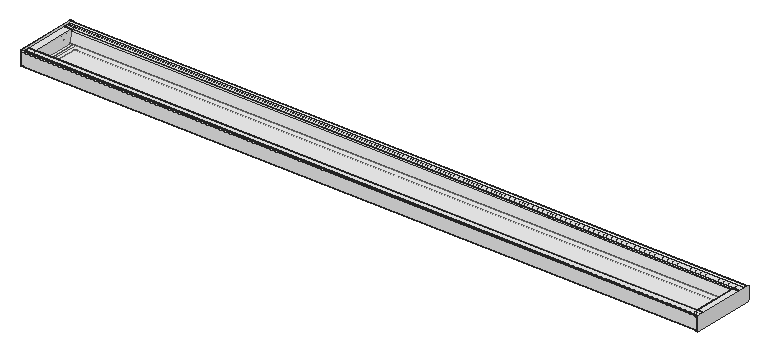
Revit family "ALRM", category Lighting Fixtures, host Ceiling, Revit 2019
Family settings
  Host = Ceiling
  Round Connector Dimension = Use Diameter
  Part Type = Normal
  OmniClass Number = 23.80.70.11.14.17
  OmniClass Title = Direct/Indirect
  Always vertical = Yes
  Cut with Voids When Loaded = No
  Light Source = Yes
  Shared = No
  Room Calculation Point = No
Parameters (values of type "ALRM96-LED840K120LUNV-C91")
  Width = 0' - 9"
  Wattage = 90 W
  built-in parameter 1150110 = 1 (stored number, unit not read)
  Voltage = 120 V
  URL = "https://www.viscor.com/en/products/alrm"
  built-in parameter 1114217 = 0.9 (stored number, unit not read)
  Tilt Angle = 180.00°  # constant formula
  built-in parameter 1150109 = 1 (stored number, unit not read)
  built-in parameter 1150134 = 12
  built-in parameter 1150113 = 1 (stored number, unit not read)
  Photometric Web File = "ALRM96-LED840K120LUNV-C91.ies"
  Model = "ALRM"  # constant formula
  Manufacturer = "VISIONEERING by VISCOR"  # constant formula
  Lumens = 12060 lm
  built-in parameter 1150115 = 1 (stored number, unit not read)
  built-in parameter 1150105 = 959.7 (stored number, unit not read)
  built-in parameter 1150137 = (empty or 0)
  built-in parameter 1150139 = (empty or 0)
  Lens Finish Top = Acrylic - Viscor - Clear
  Lens Finish Bottom = Acrylic - Viscor - Frosted
  Length = 8' - 0"
  Lamp Wattage = 90 VA
  built-in parameter 1150112 = 1 (stored number, unit not read)
  built-in parameter 1150114 = 1 (stored number, unit not read)
  Lamp = "LED"  # constant formula
  built-in parameter 1150132 = (empty or 0)
  built-in parameter 1150102 = (empty or 0)
  built-in parameter 1150138 = (empty or 0)
  built-in parameter 1150107 = 4000 (stored number, unit not read)
  built-in parameter 1150106 = 9.597 (stored number, unit not read)
  Housing Finish = Metal - Viscor - White
  Emit from Line Length = Length  # 8' - 0"
  built-in parameter 1150104 = 12.449 (stored number, unit not read)
  Dimming Lamp Color Temperature Shift = <None>
  Description = "LED ALLURA Linear Pendant Type M"  # constant formula
  Color Filter = 16777215
  built-in parameter 1114218 = 1 (stored number, unit not read)
  built-in parameter 1150133 = 10 (stored number, unit not read)
  Assembly Code = "D5020200"
  Apparent Load = Lamp Wattage  # 90 VA
Types (7): name | Wattage | Photometric Web File | Lumens | built-in parameter 1150105 | Length | Lamp Wattage | built-in parameter 1150106 | Emit from Line Length | built-in parameter 1150104 | Apparent Load
  (no name) | 90 W | "ALRM96-LED840K120LUNV-C91.ies" | 12060 lm | 959.7 (stored number, unit not read) | 8' - 0" | 90 VA | 9.597 (stored number, unit not read) | 8' - 0" | 12.449 (stored number, unit not read) | 90 VA
  ALRM48-LED840K032LUNV-C91 | 24 W | "ALRM48-LED840K032LUNV-C91.IES" | 3240 lm | 257.83 (stored number, unit not read) | 4' - 0" | 24 VA | 2.5783 (stored number, unit not read) | 4' - 0" | 12.542 (stored number, unit not read) | 24 VA
  ALRM96-LED840K064LUNV-C91 | 43 W | "ALRM96-LED840K064LUNV-C91.ies" | 5848 lm | 465.37 (stored number, unit not read) | 8' - 0" | 43 VA | 4.6537 (stored number, unit not read) | 8' - 0" | 12.635 (stored number, unit not read) | 43 VA
  ALRM48-LED840K052LUNV-C91 | 39 W | "ALRM48-LED840K052LUNV-C91.IES" | 5265 lm | 418.98 (stored number, unit not read) | 4' - 0" | 39 VA | 4.1898 (stored number, unit not read) | 4' - 0" | 12.542 (stored number, unit not read) | 39 VA
  ALRM48-LED840K060LUNV-C91 | 45 W | "ALRM48-LED840K060LUNV-C91.IES" | 6030 lm | 479.85 (stored number, unit not read) | 4' - 0" | 45 VA | 4.7985 (stored number, unit not read) | 4' - 0" | 12.449 (stored number, unit not read) | 45 VA
  ALRM96-LED840K105LUNV-C91 | 77 W | "ALRM96-LED840K105LUNV-C91.ies" | 10395 lm | 827.21 (stored number, unit not read) | 8' - 0" | 77 VA | 8.2721 (stored number, unit not read) | 8' - 0" | 12.542 (stored number, unit not read) | 77 VA
  ALRM96-LED840K120LUNV-C91 | 90 W | "ALRM96-LED840K120LUNV-C91.ies" | 12060 lm | 959.7 (stored number, unit not read) | 8' - 0" | 90 VA | 9.597 (stored number, unit not read) | 8' - 0" | 12.449 (stored number, unit not read) | 90 VA
Reference planes (in)
  plane 1 "Light Source Axis (F/B)": y = 0
  plane 2 "Ceiling": z = 96
  plane 3 "Light Source Axis (L/R)": x = 0
  plane 4 "Light Source Elevation": z = 67.875
  plane 5: x = -48
  plane 6: x = 48
  plane 7: y = 4.5
  plane 8: y = -4.5
  plane 9: x = -47.96875
  plane 10: x = 47.96875
  plane 11: x = -46.85
  plane 12: x = 46.85
  plane 13: x = -46
  plane 14: x = 46
Forms (in)
  Extrusion 1, solid, material "Metal - Viscor - White" <- "Housing Finish"
    sketch origin (0, 0, 0) x (0, 1, 0) y (0, 0, 1)
      loop
        line (4.37, 69.875) -> (-4.37, 69.875)
        arc (-4.37, 69.875) -> (-4.46192, 69.83692) -> (-4.5, 69.745) r 0.13
        line (-4.5, 69.745) -> (-4.5, 68.005)
        arc (-4.5, 68.005) -> (-4.46192, 67.91308) -> (-4.37, 67.875) r 0.13
        line (-4.37, 67.875) -> (4.37, 67.875)
        arc (4.37, 67.875) -> (4.46192, 67.91308) -> (4.5, 68.005) r 0.13
        line (4.5, 68.005) -> (4.5, 69.745)
        arc (4.5, 69.745) -> (4.46192, 69.83692) -> (4.37, 69.875) r 0.13
    from 47.96875 to 48
  Extrusion 2, solid, material "Metal - Viscor - White" <- "Housing Finish"
    sketch origin (0, 0, 0) x (0, 1, 0) y (0, 0, -1)
      loop
        arc (4.37, -69.875) -> (4.46192, -69.83692) -> (4.5, -69.745) r 0.13
        line (4.5, -69.745) -> (4.5, -68.005)
        arc (4.5, -68.005) -> (4.46192, -67.91308) -> (4.37, -67.875) r 0.13
        line (4.37, -67.875) -> (-4.37, -67.875)
        arc (-4.37, -67.875) -> (-4.46192, -67.91308) -> (-4.5, -68.005) r 0.13
        line (-4.5, -68.005) -> (-4.5, -69.745)
        arc (-4.5, -69.745) -> (-4.46192, -69.83692) -> (-4.37, -69.875) r 0.13
        line (-4.37, -69.875) -> (4.37, -69.875)
    from 47.96875 to 48
  Extrusion 3, solid, material "Metal - Viscor - White" <- "Housing Finish"
    sketch origin (0, 0, 0) x (0, 1, 0) y (0, 0, 1)
      loop
        line (4.06954, 69.68042) -> (3.66354, 69.68042) -> (3.66354, 69.64917) -> (4.07647, 69.64917) -> (4.35255, 69.7779)
        arc (4.35255, 69.7779) -> (4.38878, 69.77553) -> (4.40625, 69.74369) r 0.03775
        line (4.40625, 69.74369) -> (4.40625, 68.007)
        arc (4.40625, 68.007) -> (4.39519, 67.98031) -> (4.3685, 67.96925) r 0.03775
        line (4.3685, 67.96925) -> (-4.3685, 67.96925)
        arc (-4.3685, 67.96925) -> (-4.39519, 67.98031) -> (-4.40625, 68.007) r 0.03775
        line (-4.40625, 68.007) -> (-4.40625, 69.74369)
        arc (-4.40625, 69.74369) -> (-4.38878, 69.77553) -> (-4.35255, 69.7779) r 0.03775
        line (-4.35255, 69.7779) -> (-4.07647, 69.64917) -> (-3.66354, 69.64917) -> (-3.66354, 69.68042) -> (-4.06954, 69.68042) -> (-4.33934, 69.80623)
        arc (-4.33934, 69.80623) -> (-4.40557, 69.80189) -> (-4.4375, 69.74369) r 0.069
        line (-4.4375, 69.74369) -> (-4.4375, 68.007)
        arc (-4.4375, 68.007) -> (-4.41729, 67.95821) -> (-4.3685, 67.938) r 0.069
        line (-4.3685, 67.938) -> (4.3685, 67.938)
        arc (4.3685, 67.938) -> (4.41729, 67.95821) -> (4.4375, 68.007) r 0.069
        line (4.4375, 68.007) -> (4.4375, 69.74369)
        arc (4.4375, 69.74369) -> (4.40557, 69.80189) -> (4.33934, 69.80623) r 0.069
        line (4.33934, 69.80623) -> (4.06954, 69.68042)
    from -47.96875 to 47.96875
  Extrusion 4, solid, material "Metal - Viscor - White" <- "Housing Finish"
    sketch origin (0, 0, 0) x (0, 1, 0) y (0, 0, 1)
      loop
        line (3.9735, 69.71042) -> (3.1307, 69.71042) -> (3.08719, 69.67846) -> (2.80911, 68.1014)
        arc (2.80911, 68.1014) -> (2.82421, 68.04506) -> (2.87707, 68.02042) r 0.069
        line (2.87707, 68.02042) -> (3.05759, 68.02042) -> (3.05759, 68.05167) -> (2.87707, 68.05167)
        arc (2.87707, 68.05167) -> (2.84815, 68.06515) -> (2.83989, 68.09597) r 0.03775
        line (2.83989, 68.09597) -> (3.11579, 69.66069) -> (3.14094, 69.67917) -> (3.9735, 69.67917) -> (3.9735, 69.71042)
    from -47.96875 to 47.96875
  Extrusion 5, solid, material "Metal - Viscor - White" <- "Housing Finish"
    sketch origin (0, 0, 0) x (0, -1, 0) y (0, 0, -1)
      loop
        line (3.9735, -69.71042) -> (3.9735, -69.67917) -> (3.14094, -69.67917) -> (3.11579, -69.66069) -> (2.83989, -68.09597)
        arc (2.83989, -68.09597) -> (2.84815, -68.06515) -> (2.87707, -68.05167) r 0.03775
        line (2.87707, -68.05167) -> (3.05759, -68.05167) -> (3.05759, -68.02042) -> (2.87707, -68.02042)
        arc (2.87707, -68.02042) -> (2.82421, -68.04506) -> (2.80911, -68.1014) r 0.069
        line (2.80911, -68.1014) -> (3.08719, -69.67846) -> (3.1307, -69.71042) -> (3.9735, -69.71042)
    from -47.96875 to 47.96875
  Extrusion 6, solid, material "Acrylic - Viscor - Clear" <- "Lens Finish Top"
    sketch origin (0, 0, 0) x (0, 1, 0) y (0, 0, 1)
      loop
        line (3.031, 69.48276) -> (3.031, 69.56276) -> (-3.031, 69.56276) -> (-3.031, 69.48276) -> (3.031, 69.48276)
    from -46.85 to 46.85
  Extrusion 7, solid, material "Acrylic - Viscor - Frosted" <- "Lens Finish Bottom"
    sketch origin (0, 0, 0) x (0, 1, 0) y (0, 0, 1)
      loop
        line (3.14, 68.008) -> (-3.14, 68.008) -> (-3.14, 67.968) -> (3.14, 67.968) -> (3.14, 68.008)
    from -46 to 46
  Extrusion 8, void
    sketch origin (0, 0, 67.875) x (0, -1, 0) y (1, 0, 0)
      loop
        line (2.0625, -45.59375) -> (2.0625, 45.59375) -> (-2.0625, 45.59375) -> (-2.0625, -45.59375) -> (2.0625, -45.59375)
    from -0.04829 to 0.07663
  Extrusion 9, solid, material "Metal - Viscor - White" <- "Housing Finish"
    sketch origin (0, 0, 0) x (1, 0, 0) y (0, 0, 1)
      loop
        line (-47.96875, 69.68042) -> (-47.96875, 69.64917) -> (-46.88125, 69.64917) -> (-46.88125, 67.9874) -> (-46.35, 67.9874) -> (-46.35, 68.01865) -> (-46.85, 68.01865) -> (-46.85, 69.68042) -> (-47.96875, 69.68042)
    from -3.66354 to 3.66354
  Extrusion 10, solid, material "Metal - Viscor - White" <- "Housing Finish"
    sketch origin (0, 0, 0) x (-1, 0, 0) y (0, 0, -1)
      loop
        line (-47.96875, -69.68042) -> (-46.85, -69.68042) -> (-46.85, -68.01865) -> (-46.35, -68.01865) -> (-46.35, -67.9874) -> (-46.88125, -67.9874) -> (-46.88125, -69.64917) -> (-47.96875, -69.64917) -> (-47.96875, -69.68042)
    from -3.66354 to 3.66354
Cuts and joins
  Extrusion 8 cuts Extrusion 3
Dimensions and locks (in)
  equal spacing: host sketch curve, plane 3 "Light Source Axis (L/R)", host sketch curve
  equal spacing: host sketch curve, plane 1 "Light Source Axis (F/B)", host sketch curve
  host sketch curve to host sketch curve = 10' - 0"  (x2)
  equal spacing: plane 5, plane 3 "Light Source Axis (L/R)", plane 6
  "Length": plane 5 to plane 6
  equal spacing: plane 7, plane 1 "Light Source Axis (F/B)", plane 8
  "Width": plane 7 to plane 8
  plane 5 to plane 3 "Light Source Axis (L/R)" = 4' - 0"
  plane 7 to plane 1 "Light Source Axis (F/B)" = 0' - 4 1/2"
  plane 6 to plane 3 "Light Source Axis (L/R)" = 4' - 0"
  locked: plane 9 to plane 5 at 0.03125
  locked: plane 10 to plane 6 at 0.03125
  plane 4 "Light Source Elevation" to host ceiling = 2' - 3 5/8"
  locked: plane 5 to plane 11 at 1.15
  locked: plane 12 to plane 6 at 1.15
  locked: plane 5 to plane 13 at 2
  locked: plane 14 to plane 6 at 2
  aligned and locked: plane 3 "Light Source Axis (L/R)" to imposter light
  aligned and locked: plane 1 "Light Source Axis (F/B)" to imposter light
  aligned and locked: plane 4 "Light Source Elevation" to imposter light
  aligned and locked: plane 6 to Extrusion 1
  aligned and locked: Extrusion 1 to plane 10
  aligned and locked: Extrusion 2 to plane 5
  aligned and locked: plane 9 to Extrusion 2
  aligned and locked: Extrusion 3 to plane 10
  aligned and locked: Extrusion 3 to plane 9
  aligned and locked: Extrusion 4 to plane 9
  aligned and locked: plane 10 to Extrusion 4
  aligned and locked: Extrusion 5 to plane 9
  aligned and locked: plane 10 to Extrusion 5
  aligned and locked: Extrusion 6 to plane 11
  aligned and locked: plane 12 to Extrusion 6
  aligned and locked: Extrusion 7 to plane 13
  aligned and locked: plane 14 to Extrusion 7
  aligned and locked: Extrusion 9 to cut or joined group of Extrusion 3, Extrusion 8  (x2)
Automatic sketch dimensions
  Extrusion 1 sketch curve to plane 8 = 0' - 0"
  plane 4 "Light Source Elevation" to Extrusion 1 sketch curve = 0' - 0"
  Extrusion 1 sketch curve to plane 7 = 0' - 0"
  Extrusion 1 sketch curve to plane 4 "Light Source Elevation" = 0' - 0.13"
  plane 8 to Extrusion 1 sketch curve = 0' - 0.13"
  Extrusion 1 sketch curve to plane 7 = 0' - 0.13"  (x2)
  Extrusion 1 sketch curve to Extrusion 1 sketch curve = 0' - 1.74"
  Extrusion 2 sketch curve to plane 8 = 0' - 0"
  plane 4 "Light Source Elevation" to Extrusion 2 sketch curve = 0' - 0"
  Extrusion 2 sketch curve to plane 7 = 0' - 0"
  Extrusion 2 sketch curve to plane 4 "Light Source Elevation" = 0' - 0.13"
  plane 8 to Extrusion 2 sketch curve = 0' - 0.13"
  Extrusion 2 sketch curve to plane 7 = 0' - 0.13"  (x2)
  Extrusion 2 sketch curve to Extrusion 2 sketch curve = 0' - 1.74"
  Extrusion 3 sketch curve to Extrusion 3 sketch curve = 0' - 0"  (x8)
  plane 8 to Extrusion 3 sketch curve = 0' - 0 1/16"
  Extrusion 3 sketch curve to Extrusion 3 sketch curve = 0' - 0 1/32"  (x3)
  Extrusion 3 sketch curve to Extrusion 3 sketch curve = 0' - 0.03775"  (x3)
  Extrusion 3 sketch curve to Extrusion 3 sketch curve = 0' - 0.01595"  (x2)
  Extrusion 3 sketch curve to Extrusion 3 sketch curve = 0' - 0.01321"  (x2)
  Extrusion 3 sketch curve to Extrusion 3 sketch curve = 0' - 0.27608"
  Extrusion 3 sketch curve to Extrusion 3 sketch curve = 0' - 0.00693"  (x2)
  Extrusion 3 sketch curve to Extrusion 3 sketch curve = 0' - 0.406"  (x2)
  Extrusion 3 sketch curve to plane 7 = 0' - 0.83646"
  Extrusion 3 sketch curve to plane 7 = 0' - 0.16066"
  Extrusion 3 sketch curve to plane 7 = 0' - 0.1315"
  Extrusion 3 sketch curve to plane 4 "Light Source Elevation" = 0' - 0.063"
  Extrusion 3 sketch curve to plane 4 "Light Source Elevation" = 0' - 1.77417"
  Extrusion 3 sketch curve to Extrusion 3 sketch curve = 0' - 1.64217"
  Extrusion 3 sketch curve to Extrusion 3 sketch curve = 0' - 0.06327"  (x2)
  Extrusion 4 sketch curve to Extrusion 4 sketch curve = 0' - 0"  (x2)
  Extrusion 4 sketch curve to plane 4 "Light Source Elevation" = 0' - 0.2264"
  Extrusion 4 sketch curve to plane 7 = 0' - 1.69089"
  Extrusion 4 sketch curve to plane 4 "Light Source Elevation" = 0' - 0.22097"
  Extrusion 4 sketch curve to Extrusion 4 sketch curve = 0' - 0.03078"
  Extrusion 4 sketch curve to Extrusion 4 sketch curve = 0' - 0.03718"
  Extrusion 4 sketch curve to Extrusion 4 sketch curve = 0' - 0.18052"
  Extrusion 4 sketch curve to plane 7 = 0' - 1.41281"
  Extrusion 4 sketch curve to Extrusion 4 sketch curve = 0' - 0.0286"
  Extrusion 4 sketch curve to Extrusion 4 sketch curve = 0' - 0.0149"
  Extrusion 4 sketch curve to Extrusion 4 sketch curve = 0' - 0.02515"
  Extrusion 4 sketch curve to plane 7 = 0' - 0.5265"
  Extrusion 4 sketch curve to Extrusion 4 sketch curve = 0' - 0.00656"
  Extrusion 4 sketch curve to Extrusion 4 sketch curve = 0' - 1.56472"
  Extrusion 4 sketch curve to Extrusion 4 sketch curve = 0' - 0.01777"
  Extrusion 4 sketch curve to Extrusion 4 sketch curve = 0' - 0.01847"
  Extrusion 4 sketch curve to Extrusion 4 sketch curve = 0' - 0 1/32"
  Extrusion 5 sketch curve to Extrusion 5 sketch curve = 0' - 0"  (x2)
  plane 4 "Light Source Elevation" to Extrusion 5 sketch curve = 0' - 0.2264"
  Extrusion 5 sketch curve to plane 8 = 0' - 1.69089"
  plane 4 "Light Source Elevation" to Extrusion 5 sketch curve = 0' - 0.22097"
  Extrusion 5 sketch curve to Extrusion 5 sketch curve = 0' - 0.03078"
  Extrusion 5 sketch curve to Extrusion 5 sketch curve = 0' - 0.03718"
  Extrusion 5 sketch curve to Extrusion 5 sketch curve = 0' - 0.18052"
  Extrusion 5 sketch curve to plane 8 = 0' - 1.41281"
  Extrusion 5 sketch curve to Extrusion 5 sketch curve = 0' - 0.0286"
  Extrusion 5 sketch curve to Extrusion 5 sketch curve = 0' - 0.0149"
  Extrusion 5 sketch curve to Extrusion 5 sketch curve = 0' - 0.02515"
  Extrusion 5 sketch curve to plane 8 = 0' - 0.5265"
  Extrusion 5 sketch curve to Extrusion 5 sketch curve = 0' - 0.00656"
  Extrusion 5 sketch curve to Extrusion 5 sketch curve = 0' - 1.56472"
  Extrusion 5 sketch curve to Extrusion 5 sketch curve = 0' - 0.01777"
  Extrusion 5 sketch curve to Extrusion 5 sketch curve = 0' - 0.01847"
  Extrusion 5 sketch curve to Extrusion 5 sketch curve = 0' - 0 1/32"
  plane 8 to Extrusion 6 sketch curve = 0' - 1.469"
  Extrusion 6 sketch curve to plane 7 = 0' - 1.469"
  Extrusion 6 sketch curve to plane 4 "Light Source Elevation" = 0' - 1.60776"
  Extrusion 6 sketch curve to Extrusion 6 sketch curve = 0' - 0.08"
  Extrusion 7 sketch curve to plane 4 "Light Source Elevation" = 0' - 0.133"
  plane 8 to Extrusion 7 sketch curve = 0' - 1.36"
  Extrusion 7 sketch curve to plane 4 "Light Source Elevation" = 0' - 0.093"
  Extrusion 7 sketch curve to plane 7 = 0' - 1.36"
  plane 13 to Extrusion 8 sketch curve = 0' - 0 13/32"
  Extrusion 8 sketch curve to plane 1 "Light Source Axis (F/B)" = 0' - 2 1/16"
  plane 1 "Light Source Axis (F/B)" to Extrusion 8 sketch curve = 0' - 2 1/16"
  Extrusion 8 sketch curve to plane 14 = 0' - 0 13/32"
  Extrusion 9 sketch curve to plane 9 = 0' - 0"
  Extrusion 9 sketch curve to plane 11 = 0' - 0"
  Extrusion 9 sketch curve to plane 11 = 0' - 0 1/32"
  Extrusion 9 sketch curve to plane 4 "Light Source Elevation" = 0' - 0.1124"
  Extrusion 9 sketch curve to plane 13 = 0' - 0.35"
  Extrusion 9 sketch curve to Extrusion 9 sketch curve = 0' - 0 1/32"  (x2)
  Extrusion 9 sketch curve to Extrusion 9 sketch curve = 0' - 1.63052"
  Extrusion 10 sketch curve to plane 10 = 0' - 0"
  Extrusion 10 sketch curve to plane 12 = 0' - 0"
  Extrusion 10 sketch curve to plane 12 = 0' - 0 1/32"
  plane 4 "Light Source Elevation" to Extrusion 10 sketch curve = 0' - 0.1124"
  Extrusion 10 sketch curve to plane 14 = 0' - 0.35"
  Extrusion 10 sketch curve to Extrusion 10 sketch curve = 0' - 0 1/32"  (x2)
  Extrusion 10 sketch curve to Extrusion 10 sketch curve = 0' - 1.63052"
Connectors (in)
  electrical at (0, 0, 67.875), driven by "Voltage", driven by "Lamp Wattage"
    settings: index 1, voltage 120 V, apparent load 0 VA, apparent load phase1 90 VA, apparent load phase2 0 VA, apparent load phase3 0 VA, power factor 1, load classification "Other", number of poles 1, system type 31, power factor state 1, is connector primary yes, connector utility no, sub classification motor no, connector description ""
